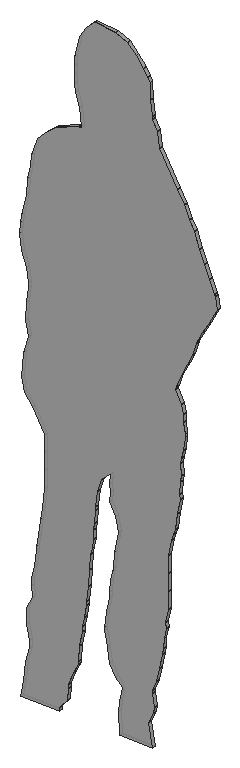
Revit family
Parameters (values of type "H_2D woman")
  colour = colour
  Height = 0 mm
  Assembly Code = ""
Reference planes
  plane 1 "Center (Front/Back)": y = 0
  plane 2: z = 0
  plane 3 "Center (Left/Right)": x = 0
Forms (mm)
  Extrusion 1, solid, material "colour" <- "colour"
    sketch origin (0, 0, 0) x (1, 0, 0) y (0, 0, 1)
      loop
        line (-5.709, 1725.214) -> (-28.316, 1702.607) -> (-47.277, 1675.713) -> (-59.95, 1620.335) -> (-59.95, 1599.189) -> (-59.95, 1576.368) -> (-59.95, 1555.222) -> (-58.1, 1534.067) -> (-47.277, 1499.845) -> (-43.103, 1452.119) -> (-51.452, 1452.119) -> (-81.411, 1442.645) -> (-114.085, 1428.098) -> (-139.96, 1407.429) -> (-163.095, 1384.294) -> (-177.884, 1338.279) -> (-181.008, 1312.488) -> (-188.966, 1275.687) -> (-193.768, 1236.044) -> (-205.493, 1181.827) -> (-208.022, 1160.944) -> (-210.567, 1133.946) -> (-206.004, 1093.125) -> (-191.685, 1058.3) -> (-187.601, 1021.762) -> (-187.601, 1010.656) -> (-193.768, 972.242) -> (-194.887, 927.267) -> (-188.197, 889.325) -> (-199.853, 845.821) -> (-205.952, 785.299) -> (-199.278, 747.446) -> (-175.651, 721.206) -> (-144.137, 663.752) -> (-144.137, 621.228) -> (-144.137, 577.261) -> (-144.137, 533.294) -> (-148.96, 484.984) -> (-153.515, 452.362) -> (-157.412, 433.407) -> (-160.079, 414.306) -> (-164.435, 383.117) -> (-164.435, 374.261) -> (-170.043, 334.1) -> (-179.65, 300.027) -> (-179.65, 281.483) -> (-176.865, 253.552) -> (-192.933, 224.053) -> (-192.933, 181.59) -> (-184.743, 144.996) -> (-184.743, 128.745) -> (-195.217, 91.599) -> (-200.122, 43.216) -> (-209.382, 0) -> (-101.832, 0) -> (-101.832, 10.124) -> (-81.411, 35.704) -> (-78.459, 64.828) -> (-77.327, 75.994) -> (-65.074, 108.928) -> (-51.361, 133.193) -> (-51.361, 140.548) -> (-47.277, 180.838) -> (-39.38, 217.693) -> (-39.38, 231.916) -> (-32.691, 255.638) -> (-28.316, 286.965) -> (-28.316, 295.666) -> (-22.862, 334.722) -> (-20.262, 376.348) -> (-16.235, 416.688) -> (-13.224, 431.334) -> (-10.257, 455.273) -> (-10.257, 477.972) -> (-6.568, 495.918) -> (-3.349, 528.159) -> (-3.349, 536.987) -> (1.553, 576.54) -> (13.645, 609.619) -> (38.06, 631.602) -> (34.965, 606.624) -> (38.06, 587.635) -> (34.965, 562.657) -> (50.383, 532.573) -> (58.573, 495.98) -> (57.222, 482.449) -> (49.236, 443.607) -> (45.398, 405.161) -> (43.133, 394.144) -> (36.364, 369.328) -> (33.595, 341.589) -> (33.595, 327.854) -> (25.968, 290.755) -> (21.941, 250.414) -> (21.941, 243.162) -> (28.863, 205.428) -> (28.863, 200.214) -> (34.965, 166.955) -> (50.383, 136.871) -> (68.81, 120.279) -> (66.269, 107.207) -> (61.537, 82.861) -> (59.47, 57.119) -> (63.142, 0) -> (151.076, 0) -> (140.153, 58.085) -> (155.474, 86.213) -> (157.491, 101.411) -> (151.39, 133.858) -> (153.407, 141.7) -> (163.642, 166.792) -> (172.459, 202.821) -> (179.979, 240.016) -> (181.997, 255.376) -> (183.837, 280.51) -> (190.165, 306.698) -> (188.148, 320.595) -> (196.874, 356.705) -> (196.874, 400.672) -> (196.874, 444.639) -> (196.874, 488.606) -> (203.277, 526.808) -> (210.586, 544.92) -> (216.291, 559.056) -> (221.289, 598.523) -> (228.315, 636.164) -> (227.013, 647.645) -> (229.018, 679.498) -> (231.007, 695.208) -> (227.667, 724.681) -> (231.426, 738.709) -> (237.158, 760.102) -> (241.243, 792.357) -> (241.243, 800.391) -> (237.158, 828.491) -> (237.158, 848.036) -> (231.007, 871.075) -> (215.641, 901.207) -> (218.406, 908.888) -> (230.356, 942.094) -> (248.694, 974.934) -> (261.664, 1001.839) -> (273.614, 1035.045) -> (278.976, 1046.167) -> (288.394, 1065.704) -> (306.59, 1093.287) -> (322.927, 1122.545) -> (329.029, 1135.202) -> (324.764, 1167.944) -> (320.878, 1171.83) -> (307.193, 1203.475) -> (294.559, 1236.066) -> (281.925, 1268.657) -> (267.075, 1306.965) -> (253.064, 1330.605) -> (239.379, 1362.25) -> (220.368, 1394.327) -> (171.416, 1476.922) -> (166.052, 1516.06) -> (151.39, 1540.799) -> (153.407, 1548.641) -> (148.044, 1587.779) -> (145.335, 1629.307) -> (139.137, 1639.765) -> (128.344, 1657.975) -> (107.111, 1682.824) -> (83.975, 1705.959) -> (50.383, 1719.68) -> (-5.709, 1725.214)
    from -10 to 0
  Extrusion 2, solid, material "colour" <- "colour", not visible
    sketch origin (0, 0, 0) x (1, 0, 0) y (0, 0, 1)
      loop
        line (-5.627, 1700.555) -> (-27.911, 1678.271) -> (-46.602, 1651.762) -> (-59.093, 1597.176) -> (-59.093, 1576.332) -> (-59.093, 1553.837) -> (-59.093, 1532.994) -> (-57.269, 1512.141) -> (-46.602, 1478.408) -> (-42.487, 1431.364) -> (-50.716, 1431.364) -> (-80.247, 1422.025) -> (-112.454, 1407.686) -> (-137.959, 1387.313) -> (-160.764, 1364.508) -> (-175.342, 1319.151) -> (-178.421, 1293.729) -> (-186.266, 1257.454) -> (-190.998, 1218.377) -> (-202.556, 1164.936) -> (-205.049, 1144.351) -> (-207.558, 1117.739) -> (-203.06, 1077.501) -> (-188.945, 1043.174) -> (-184.919, 1007.158) -> (-184.919, 996.211) -> (-190.998, 958.346) -> (-192.101, 914.014) -> (-185.507, 876.613) -> (-196.997, 833.731) -> (-203.009, 774.074) -> (-196.43, 736.763) -> (-173.141, 710.898) -> (-142.076, 654.265) -> (-142.076, 612.349) -> (-142.076, 569.01) -> (-142.076, 525.672) -> (-146.831, 478.053) -> (-151.321, 445.897) -> (-155.162, 427.212) -> (-157.791, 408.384) -> (-162.085, 377.641) -> (-162.085, 368.911) -> (-167.612, 329.325) -> (-177.083, 295.739) -> (-177.083, 277.46) -> (-174.337, 249.928) -> (-190.175, 220.85) -> (-190.175, 178.994) -> (-182.103, 142.924) -> (-182.103, 126.905) -> (-192.427, 90.29) -> (-197.262, 42.598) -> (-206.39, 0) -> (-100.377, 0) -> (-100.377, 9.98) -> (-80.247, 35.194) -> (-77.337, 63.901) -> (-76.221, 74.907) -> (-64.144, 107.371) -> (-50.627, 131.29) -> (-50.627, 138.539) -> (-46.602, 178.253) -> (-38.817, 214.582) -> (-38.817, 228.601) -> (-32.223, 251.984) -> (-27.911, 282.864) -> (-27.911, 291.44) -> (-22.535, 329.938) -> (-19.973, 370.969) -> (-16.003, 410.733) -> (-13.035, 425.169) -> (-10.111, 448.766) -> (-10.111, 471.14) -> (-6.474, 488.83) -> (-3.301, 520.61) -> (-3.301, 529.311) -> (1.531, 568.299) -> (13.45, 600.905) -> (37.516, 622.575) -> (34.465, 597.953) -> (37.516, 579.236) -> (34.465, 554.615) -> (49.663, 524.961) -> (57.735, 488.891) -> (56.404, 475.553) -> (48.533, 437.266) -> (44.749, 399.37) -> (42.517, 388.511) -> (35.845, 364.049) -> (33.115, 336.707) -> (33.115, 323.168) -> (25.597, 286.599) -> (21.627, 246.835) -> (21.627, 239.686) -> (28.451, 202.492) -> (28.451, 197.353) -> (34.465, 164.569) -> (49.663, 134.914) -> (67.826, 118.56) -> (65.322, 105.675) -> (60.657, 81.677) -> (58.62, 56.302) -> (62.24, 0) -> (148.916, 0) -> (138.15, 57.254) -> (153.252, 84.981) -> (155.24, 99.961) -> (149.226, 131.945) -> (151.215, 139.675) -> (161.303, 164.408) -> (169.994, 199.922) -> (177.407, 236.586) -> (179.396, 251.726) -> (181.209, 276.501) -> (187.447, 302.314) -> (185.459, 316.013) -> (194.06, 351.607) -> (194.06, 394.945) -> (194.06, 438.284) -> (194.06, 481.622) -> (200.371, 519.278) -> (207.576, 537.131) -> (213.2, 551.065) -> (218.126, 589.969) -> (225.051, 627.072) -> (223.769, 638.388) -> (225.745, 669.785) -> (227.706, 685.271) -> (224.413, 714.323) -> (228.119, 728.151) -> (233.769, 749.238) -> (237.795, 781.032) -> (237.795, 788.951) -> (233.769, 816.649) -> (233.769, 835.915) -> (227.706, 858.625) -> (212.559, 888.326) -> (215.284, 895.897) -> (227.064, 928.629) -> (245.139, 960.999) -> (257.924, 987.519) -> (269.704, 1020.251) -> (274.989, 1031.214) -> (284.272, 1050.472) -> (302.208, 1077.661) -> (318.311, 1106.5) -> (324.326, 1118.976) -> (320.122, 1151.25) -> (316.292, 1155.081) -> (302.802, 1186.273) -> (290.349, 1218.399) -> (277.895, 1250.524) -> (263.257, 1288.285) -> (249.447, 1311.586) -> (235.958, 1342.779) -> (217.218, 1374.398) -> (168.966, 1455.813) -> (163.679, 1494.391) -> (149.226, 1518.776) -> (151.215, 1526.507) -> (145.928, 1565.085) -> (143.258, 1606.019) -> (137.148, 1616.328) -> (126.51, 1634.278) -> (105.58, 1658.771) -> (82.775, 1681.576) -> (49.663, 1695.1) -> (-5.627, 1700.555)
    from -10 to 0
  Extrusion 3, solid, material "colour" <- "colour", not visible
    sketch origin (0, 0, 0) x (1, 0, 0) y (0, 0, 1)
      loop
        line (-5.627, 1700.555) -> (-27.911, 1678.271) -> (-46.602, 1651.762) -> (-59.093, 1597.176) -> (-59.093, 1576.332) -> (-59.093, 1553.837) -> (-59.093, 1532.994) -> (-57.269, 1512.141) -> (-46.602, 1478.408) -> (-42.487, 1431.364) -> (-50.716, 1431.364) -> (-80.247, 1422.025) -> (-112.454, 1407.686) -> (-137.959, 1387.313) -> (-160.764, 1364.508) -> (-175.342, 1319.151) -> (-178.421, 1293.729) -> (-186.266, 1257.454) -> (-190.998, 1218.377) -> (-202.556, 1164.936) -> (-205.049, 1144.351) -> (-207.558, 1117.739) -> (-203.06, 1077.501) -> (-188.945, 1043.174) -> (-184.919, 1007.158) -> (-184.919, 996.211) -> (-190.998, 958.346) -> (-192.101, 914.014) -> (-185.507, 876.613) -> (-196.997, 833.731) -> (-203.009, 774.074) -> (-196.43, 736.763) -> (-173.141, 710.898) -> (-142.076, 654.265) -> (-142.076, 612.349) -> (-142.076, 569.01) -> (-142.076, 525.672) -> (-146.831, 478.053) -> (-151.321, 445.897) -> (-155.162, 427.212) -> (-157.791, 408.384) -> (-162.085, 377.641) -> (-162.085, 368.911) -> (-167.612, 329.325) -> (-177.083, 295.739) -> (-177.083, 277.46) -> (-174.337, 249.928) -> (-190.175, 220.85) -> (-190.175, 178.994) -> (-182.103, 142.924) -> (-182.103, 126.905) -> (-192.427, 90.29) -> (-197.262, 42.598) -> (-206.39, 0) -> (-100.377, 0) -> (-100.377, 9.98) -> (-80.247, 35.194) -> (-77.337, 63.901) -> (-76.221, 74.907) -> (-64.144, 107.371) -> (-50.627, 131.29) -> (-50.627, 138.539) -> (-46.602, 178.253) -> (-38.817, 214.582) -> (-38.817, 228.601) -> (-32.223, 251.984) -> (-27.911, 282.864) -> (-27.911, 291.44) -> (-22.535, 329.938) -> (-19.973, 370.969) -> (-16.003, 410.733) -> (-13.035, 425.169) -> (-10.111, 448.766) -> (-10.111, 471.14) -> (-6.474, 488.83) -> (-3.301, 520.61) -> (-3.301, 529.311) -> (1.531, 568.299) -> (13.45, 600.905) -> (37.516, 622.575) -> (34.465, 597.953) -> (37.516, 579.236) -> (34.465, 554.615) -> (49.663, 524.961) -> (57.735, 488.891) -> (56.404, 475.553) -> (48.533, 437.266) -> (44.749, 399.37) -> (42.517, 388.511) -> (35.845, 364.049) -> (33.115, 336.707) -> (33.115, 323.168) -> (25.597, 286.599) -> (21.627, 246.835) -> (21.627, 239.686) -> (28.451, 202.492) -> (28.451, 197.353) -> (34.465, 164.569) -> (49.663, 134.914) -> (67.826, 118.56) -> (65.322, 105.675) -> (60.657, 81.677) -> (58.62, 56.302) -> (62.24, 0) -> (148.916, 0) -> (138.15, 57.254) -> (153.252, 84.981) -> (155.24, 99.961) -> (149.226, 131.945) -> (151.215, 139.675) -> (161.303, 164.408) -> (169.994, 199.922) -> (177.407, 236.586) -> (179.396, 251.726) -> (181.209, 276.501) -> (187.447, 302.314) -> (185.459, 316.013) -> (194.06, 351.607) -> (194.06, 394.945) -> (194.06, 438.284) -> (194.06, 481.622) -> (200.371, 519.278) -> (207.576, 537.131) -> (213.2, 551.065) -> (218.126, 589.969) -> (225.051, 627.072) -> (223.769, 638.388) -> (225.745, 669.785) -> (227.706, 685.271) -> (224.413, 714.323) -> (228.119, 728.151) -> (233.769, 749.238) -> (237.795, 781.032) -> (237.795, 788.951) -> (233.769, 816.649) -> (233.769, 835.915) -> (227.706, 858.625) -> (212.559, 888.326) -> (215.284, 895.897) -> (227.064, 928.629) -> (245.139, 960.999) -> (257.924, 987.519) -> (269.704, 1020.251) -> (274.989, 1031.214) -> (284.272, 1050.472) -> (302.208, 1077.661) -> (318.311, 1106.5) -> (324.326, 1118.976) -> (320.122, 1151.25) -> (316.292, 1155.081) -> (302.802, 1186.273) -> (290.349, 1218.399) -> (277.895, 1250.524) -> (263.257, 1288.285) -> (249.447, 1311.586) -> (235.958, 1342.779) -> (217.218, 1374.398) -> (168.966, 1455.813) -> (163.679, 1494.391) -> (149.226, 1518.776) -> (151.215, 1526.507) -> (145.928, 1565.085) -> (143.258, 1606.019) -> (137.148, 1616.328) -> (126.51, 1634.278) -> (105.58, 1658.771) -> (82.775, 1681.576) -> (49.663, 1695.1) -> (-5.627, 1700.555)
    from -10 to 0
  Extrusion 4, solid, material "colour" <- "colour", not visible
    sketch origin (0, 0, 0) x (1, 0, 0) y (0, 0, 1)
      loop
        line (-5.627, 1700.555) -> (-27.911, 1678.271) -> (-46.602, 1651.762) -> (-59.093, 1597.176) -> (-59.093, 1576.332) -> (-59.093, 1553.837) -> (-59.093, 1532.994) -> (-57.269, 1512.141) -> (-46.602, 1478.408) -> (-42.487, 1431.364) -> (-50.716, 1431.364) -> (-80.247, 1422.025) -> (-112.454, 1407.686) -> (-137.959, 1387.313) -> (-160.764, 1364.508) -> (-175.342, 1319.151) -> (-178.421, 1293.729) -> (-186.266, 1257.454) -> (-190.998, 1218.377) -> (-202.556, 1164.936) -> (-205.049, 1144.351) -> (-207.558, 1117.739) -> (-203.06, 1077.501) -> (-188.945, 1043.174) -> (-184.919, 1007.158) -> (-184.919, 996.211) -> (-190.998, 958.346) -> (-192.101, 914.014) -> (-185.507, 876.613) -> (-196.997, 833.731) -> (-203.009, 774.074) -> (-196.43, 736.763) -> (-173.141, 710.898) -> (-142.076, 654.265) -> (-142.076, 612.349) -> (-142.076, 569.01) -> (-142.076, 525.672) -> (-146.831, 478.053) -> (-151.321, 445.897) -> (-155.162, 427.212) -> (-157.791, 408.384) -> (-162.085, 377.641) -> (-162.085, 368.911) -> (-167.612, 329.325) -> (-177.083, 295.739) -> (-177.083, 277.46) -> (-174.337, 249.928) -> (-190.175, 220.85) -> (-190.175, 178.994) -> (-182.103, 142.924) -> (-182.103, 126.905) -> (-192.427, 90.29) -> (-197.262, 42.598) -> (-206.39, 0) -> (-100.377, 0) -> (-100.377, 9.98) -> (-80.247, 35.194) -> (-77.337, 63.901) -> (-76.221, 74.907) -> (-64.144, 107.371) -> (-50.627, 131.29) -> (-50.627, 138.539) -> (-46.602, 178.253) -> (-38.817, 214.582) -> (-38.817, 228.601) -> (-32.223, 251.984) -> (-27.911, 282.864) -> (-27.911, 291.44) -> (-22.535, 329.938) -> (-19.973, 370.969) -> (-16.003, 410.733) -> (-13.035, 425.169) -> (-10.111, 448.766) -> (-10.111, 471.14) -> (-6.474, 488.83) -> (-3.301, 520.61) -> (-3.301, 529.311) -> (1.531, 568.299) -> (13.45, 600.905) -> (37.516, 622.575) -> (34.465, 597.953) -> (37.516, 579.236) -> (34.465, 554.615) -> (49.663, 524.961) -> (57.735, 488.891) -> (56.404, 475.553) -> (48.533, 437.266) -> (44.749, 399.37) -> (42.517, 388.511) -> (35.845, 364.049) -> (33.115, 336.707) -> (33.115, 323.168) -> (25.597, 286.599) -> (21.627, 246.835) -> (21.627, 239.686) -> (28.451, 202.492) -> (28.451, 197.353) -> (34.465, 164.569) -> (49.663, 134.914) -> (67.826, 118.56) -> (65.322, 105.675) -> (60.657, 81.677) -> (58.62, 56.302) -> (62.24, 0) -> (148.916, 0) -> (138.15, 57.254) -> (153.252, 84.981) -> (155.24, 99.961) -> (149.226, 131.945) -> (151.215, 139.675) -> (161.303, 164.408) -> (169.994, 199.922) -> (177.407, 236.586) -> (179.396, 251.726) -> (181.209, 276.501) -> (187.447, 302.314) -> (185.459, 316.013) -> (194.06, 351.607) -> (194.06, 394.945) -> (194.06, 438.284) -> (194.06, 481.622) -> (200.371, 519.278) -> (207.576, 537.131) -> (213.2, 551.065) -> (218.126, 589.969) -> (225.051, 627.072) -> (223.769, 638.388) -> (225.745, 669.785) -> (227.706, 685.271) -> (224.413, 714.323) -> (228.119, 728.151) -> (233.769, 749.238) -> (237.795, 781.032) -> (237.795, 788.951) -> (233.769, 816.649) -> (233.769, 835.915) -> (227.706, 858.625) -> (212.559, 888.326) -> (215.284, 895.897) -> (227.064, 928.629) -> (245.139, 960.999) -> (257.924, 987.519) -> (269.704, 1020.251) -> (274.989, 1031.214) -> (284.272, 1050.472) -> (302.208, 1077.661) -> (318.311, 1106.5) -> (324.326, 1118.976) -> (320.122, 1151.25) -> (316.292, 1155.081) -> (302.802, 1186.273) -> (290.349, 1218.399) -> (277.895, 1250.524) -> (263.257, 1288.285) -> (249.447, 1311.586) -> (235.958, 1342.779) -> (217.218, 1374.398) -> (168.966, 1455.813) -> (163.679, 1494.391) -> (149.226, 1518.776) -> (151.215, 1526.507) -> (145.928, 1565.085) -> (143.258, 1606.019) -> (137.148, 1616.328) -> (126.51, 1634.278) -> (105.58, 1658.771) -> (82.775, 1681.576) -> (49.663, 1695.1) -> (-5.627, 1700.555)
    from -10 to 0
Lines and regions (mm)
  symbolic lines, style "2D Entourage Placement Lines"
    curve 1: circle (0, 0, 0) r 265 normal (0, 0, 1)
    curve 2: line (-265, 0, 0) -> (265, 0, 0)
    curve 3: line (0, 0, 0) -> (0, -265, 0)
    curve 4: line (-265, 0, 0) -> (0, -265, 0)
    curve 5: line (265, 0, 0) -> (0, -265, 0)
  symbolic lines
    curve 6: line (-60.745, 0, 1624.667) -> (45.331, 0, 1720.178)
    curve 7: line (-56.538, 0, 1583.166) -> (81.129, 0, 1707.122)
    curve 8: line (-48.699, 0, 1544.936) -> (102.196, 0, 1680.802)
    curve 9: line (-23.549, 0, 1522.292) -> (-27.756, 0, 1526.08)
    curve 10: line (-23.549, 0, 1522.292) -> (127.345, 0, 1658.158)
    curve 11: line (-27.756, 0, 1526.08) -> (-48.699, 0, 1544.936)
    curve 12: line (-174.444, 0, 1341.137) -> (145.35, 0, 1629.081)
    curve 13: line (-195.37, 0, 1095.852) -> (191.645, 0, 1444.322)
    curve 14: line (-203.784, 0, 771.255) -> (298.816, 0, 1223.797)
    curve 15: line (-182.749, 0, 744.906) -> (311.928, 0, 1190.315)
    curve 16: line (-149.295, 0, 729.739) -> (-205.862, 0, 780.672)
    curve 17: line (-149.295, 0, 729.739) -> (328.538, 0, 1159.982)
    curve 18: line (-144.885, 0, 688.421) -> (288.437, 0, 1078.586)
    curve 19: line (127.345, 0, 1658.158) -> (66.187, 0, 1713.225)
    curve 20: line (152.494, 0, 1499.647) -> (-46.554, 0, 1678.871)
    curve 21: line (315.807, 0, 1126.156) -> (-48.699, 0, 1454.359)
    curve 22: line (297.065, 0, 1097.743) -> (-84.474, 0, 1441.282)
    curve 23: line (282.151, 0, 1065.882) -> (-118.13, 0, 1426.297)
    curve 24: line (269.53, 0, 1031.958) -> (-143.52, 0, 1403.869)
    curve 25: line (253.091, 0, 1001.471) -> (-165.111, 0, 1378.022)
    curve 26: line (237.608, 0, 970.123) -> (-174.444, 0, 1341.137)
    curve 27: line (224.975, 0, 936.21) -> (-182.094, 0, 1302.736)
    curve 28: line (214.839, 0, 900.047) -> (-190.828, 0, 1265.311)
    curve 29: line (202.218, 0, 866.122) -> (-195.969, 0, 1224.652)
    curve 30: line (195.882, 0, 859.383) -> (224.441, 0, 885.098)
    curve 31: line (181.183, 0, 839.774) -> (-204.347, 0, 1186.906)
    curve 32: line (162.226, 0, 829.079) -> (195.882, 0, 859.383)
    curve 33: line (235.874, 0, 745.241) -> (-210.56, 0, 1147.212)
    curve 34: line (177.643, 0, 208.919) -> (34.605, 0, 337.711)
    curve 35: line (168.562, 0, 171.807) -> (26.749, 0, 299.496)
    curve 36: line (143.32, 0, 58.669) -> (71.801, 0, 123.065)
    curve 37: line (59.274, 0, 11.761) -> (157.219, 0, 99.951)
    curve 38: line (142.447, 0, 6.292) -> (63.387, 0, 85.352)
    curve 39: line (61.258, 0, 58.836) -> (153.663, 0, 142.038)
    curve 40: line (68.261, 0, 110.43) -> (177.643, 0, 208.919)
    curve 41: line (36.016, 0, 171.974) -> (189.615, 0, 310.275)
    curve 42: line (30.305, 0, 212.121) -> (196.78, 0, 362.016)
    curve 43: line (21.891, 0, 249.834) -> (197.387, 0, 407.851)
    curve 44: line (26.749, 0, 299.496) -> (196.901, 0, 452.702)
    curve 45: line (34.512, 0, 351.775) -> (199.077, 0, 499.95)
    curve 46: line (44.43, 0, 405.994) -> (216.917, 0, 561.302)
    curve 47: line (51.898, 0, 548.584) -> (227.942, 0, 707.095)
    curve 48: line (36.016, 0, 579.573) -> (237.952, 0, 761.397)
    curve 49: line (36.016, 0, 624.861) -> (238.935, 0, 807.57)
    curve 50: line (36.016, 0, 670.15) -> (236.846, 0, 850.978)
    curve 51: line (33.938, 0, 700.622) -> (-190.455, 0, 902.666)
    curve 52: line (26.749, 0, 661.806) -> (-195.628, 0, 862.035)
    curve 53: line (13.477, 0, 628.467) -> (-201.6, 0, 822.123)
    curve 54: line (1.6, 0, 593.873) -> (-149.295, 0, 729.739)
    curve 55: line (-3.351, 0, 553.042) -> (-145.088, 0, 680.662)
    curve 56: line (-8.132, 0, 512.058) -> (-141.864, 0, 632.47)
    curve 57: line (-12.339, 0, 470.557) -> (-141.864, 0, 587.181)
    curve 58: line (-16.546, 0, 429.057) -> (-141.864, 0, 541.893)
    curve 59: line (-20.086, 0, 386.955) -> (-146.788, 0, 501.038)
    curve 60: line (-23.549, 0, 344.785) -> (-150.742, 0, 459.31)
    curve 61: line (-29.167, 0, 304.554) -> (-158.133, 0, 420.676)
    curve 62: line (-33.374, 0, 263.054) -> (-164.283, 0, 380.924)
    curve 63: line (-40.656, 0, 224.322) -> (-168.4, 0, 339.343)
    curve 64: line (-48.699, 0, 186.274) -> (-179.09, 0, 303.679)
    curve 65: line (-52.906, 0, 144.774) -> (-177.395, 0, 256.865)
    curve 66: line (-67.03, 0, 112.203) -> (-191.855, 0, 224.595)
    curve 67: line (-79.651, 0, 78.278) -> (-192.162, 0, 179.583)
    curve 68: line (-83.858, 0, 36.777) -> (-185.318, 0, 128.132)
    curve 69: line (-104.894, 0, 10.429) -> (-191.017, 0, 87.974)
    curve 70: line (-167.999, 0, 21.96) -> (-174.444, 0, 27.764)
    curve 71: line (-140.678, 0, 12.878) -> (-81.78, 0, 65.91)
    curve 72: line (-143.609, 0, 0) -> (-199.593, 0, 50.408)
    curve 73: line (-153.3, 0, 499.69) -> (26.749, 0, 661.806)
    curve 74: line (-174.444, 0, 27.764) -> (-53.835, 0, 136.361)
    curve 75: line (51.898, 0, 140.986) -> (182.517, 0, 258.595)
    curve 76: line (51.898, 0, 458.007) -> (223.881, 0, 612.861)
    curve 77: line (61.351, 0, 511.807) -> (227.942, 0, 661.806)
    curve 324: line (294.153, 0, 1236.231) -> (-23.549, 0, 1522.292)
    curve 325: line (325.204, 0, 1162.984) -> (-46.302, 0, 1497.49)
    curve 326: line (267.879, 0, 1305.177) -> (-62.823, 0, 1602.943)
    curve 327: line (221.717, 0, 1392.03) -> (-48.699, 0, 1635.513)
    curve 328: line (171.073, 0, 1482.919) -> (152.494, 0, 1499.647)
    curve 329: line (152.494, 0, 1544.936) -> (-26.103, 0, 1705.746)
    curve 330: line (-188.446, 0, 1283.241) -> (148.234, 0, 1586.389)
    curve 331: line (-194.572, 0, 1232.436) -> (153.296, 0, 1545.658)
    curve 332: line (-205.257, 0, 1177.526) -> (166.496, 0, 1512.255)
    curve 333: line (-210.043, 0, 1127.928) -> (173.928, 0, 1473.657)
    curve 334: line (-191.654, 0, 1053.909) -> (208.527, 0, 1414.233)
    curve 335: line (-188.446, 0, 1011.508) -> (226.062, 0, 1384.733)
    curve 336: line (-194.37, 0, 960.886) -> (243.456, 0, 1355.106)
    curve 337: line (-192.162, 0, 917.585) -> (258.255, 0, 1323.143)
    curve 338: line (-192.636, 0, 871.869) -> (272.815, 0, 1290.963)
    curve 339: line (-202.826, 0, 817.406) -> (286.195, 0, 1257.722)
    curve 340: line (144.794, 0, 1597.158) -> (3.593, 0, 1724.296)
    curve 341: line (-145.579, 0, 642.507) -> (254.78, 0, 1002.993)
    curve 342: line (-145.579, 0, 597.218) -> (221.124, 0, 927.4)
    curve 343: line (-145.579, 0, 551.93) -> (162.226, 0, 829.079)
    curve 344: line (-154.282, 0, 453.516) -> (1.6, 0, 593.873)
    curve 345: line (-200.559, 0, 49.538) -> (-199.593, 0, 50.408)
    curve 346: line (-199.593, 0, 50.408) -> (-48.699, 0, 186.274)
    curve 347: line (-192.206, 0, 102.349) -> (-40.563, 0, 238.888)
    curve 348: line (-185.733, 0, 153.465) -> (-28.593, 0, 294.955)
    curve 349: line (-192.162, 0, 192.966) -> (-23.549, 0, 344.785)
    curve 350: line (-178.546, 0, 250.514) -> (-23.549, 0, 390.074)
    curve 351: line (-179.194, 0, 295.219) -> (-14.919, 0, 443.133)
    curve 352: line (-168.228, 0, 350.382) -> (-11.207, 0, 491.764)
    curve 353: line (-162.696, 0, 400.652) -> (-6.054, 0, 541.693)
    curve 354: line (218.555, 0, 896.701) -> (214.839, 0, 900.047)
    curve 355: line (237.348, 0, 834.491) -> (202.218, 0, 866.122)
    curve 356: line (240.573, 0, 786.299) -> (181.183, 0, 839.774)
    curve 357: line (229.546, 0, 705.65) -> (-197.448, 0, 1090.117)
    curve 358: line (227.942, 0, 661.806) -> (-193.241, 0, 1041.04)
    curve 359: line (225.191, 0, 618.994) -> (-190.833, 0, 993.584)
    curve 360: line (218.966, 0, 579.31) -> (-194.586, 0, 951.674)
    curve 361: line (209.451, 0, 542.589) -> (38.145, 0, 696.834)
    curve 362: line (199.881, 0, 505.917) -> (38.719, 0, 651.028)
    curve 363: line (197.077, 0, 463.153) -> (38.719, 0, 605.739)
    curve 364: line (197.011, 0, 417.923) -> (51.898, 0, 548.584)
    curve 365: line (197.247, 0, 372.422) -> (59.754, 0, 496.221)
    curve 366: line (191.209, 0, 332.57) -> (51.898, 0, 458.007)
    curve 367: line (186.631, 0, 291.403) -> (46.559, 0, 417.525)
    curve 368: line (181.674, 0, 250.578) -> (38.145, 0, 379.812)
    curve 369: line (156.432, 0, 92.151) -> (29.731, 0, 206.234)
    curve 370: line (153.132, 0, 140.411) -> (21.317, 0, 259.098)
  symbolic lines, not visible
    curve 78: line (-211.112, 0, 73.466) -> (-38.817, 0, 228.601)
    curve 79: line (-58.129, 0, 1598.043) -> (50.568, 0, 1695.915)
    curve 80: line (-58.129, 0, 1554.705) -> (82.775, 0, 1681.576)
    curve 81: line (-54.104, 0, 1514.991) -> (106.93, 0, 1659.987)
    curve 82: line (-46.602, 0, 1478.408) -> (126.51, 0, 1634.278)
    curve 83: line (-22.535, 0, 1456.738) -> (-26.561, 0, 1460.363)
    curve 84: line (-22.535, 0, 1456.738) -> (142.524, 0, 1605.359)
    curve 85: line (-26.561, 0, 1460.363) -> (-46.602, 0, 1478.408)
    curve 86: line (-182.931, 0, 1268.979) -> (145.928, 0, 1565.085)
    curve 87: line (-174.879, 0, 1319.568) -> (-50.716, 0, 1431.364)
    curve 88: line (-190.998, 0, 1218.377) -> (151.215, 0, 1526.507)
    curve 89: line (-199.034, 0, 1167.803) -> (163.292, 0, 1494.043)
    curve 90: line (-207.086, 0, 1117.214) -> (169.994, 0, 1456.738)
    curve 91: line (-203.06, 0, 1077.501) -> (169.994, 0, 1413.4)
    curve 92: line (-186.957, 0, 1048.662) -> (194.06, 0, 1391.731)
    curve 93: line (-186.957, 0, 1005.323) -> (215.628, 0, 1367.812)
    curve 94: line (-190.998, 0, 958.346) -> (235.757, 0, 1342.598)
    curve 95: line (-190.998, 0, 915.007) -> (249.447, 0, 1311.586)
    curve 96: line (-190.998, 0, 871.669) -> (263.938, 0, 1281.296)
    curve 97: line (-195.008, 0, 824.72) -> (277.895, 0, 1250.524)
    curve 98: line (-203.06, 0, 774.131) -> (288.093, 0, 1216.368)
    curve 99: line (-195.008, 0, 738.043) -> (300.171, 0, 1183.904)
    curve 100: line (-174.879, 0, 712.829) -> (316.274, 0, 1155.065)
    curve 101: line (-142.866, 0, 698.315) -> (-196.997, 0, 747.054)
    curve 102: line (-142.866, 0, 698.315) -> (324.326, 0, 1118.976)
    curve 103: line (-138.646, 0, 658.776) -> (276.016, 0, 1032.139)
    curve 104: line (-42.026, 0, 1655.881) -> (6.284, 0, 1699.38)
    curve 105: line (137.148, 0, 1616.328) -> (48.58, 0, 1696.075)
    curve 106: line (145.928, 0, 1565.085) -> (-3.756, 0, 1699.861)
    curve 107: line (149.226, 0, 1518.776) -> (-27.911, 0, 1678.271)
    curve 108: line (169.994, 0, 1456.738) -> (-46.602, 0, 1651.762)
    curve 109: line (215.468, 0, 1372.455) -> (183.261, 0, 1401.454)
    curve 110: line (183.261, 0, 1401.454) -> (145.928, 0, 1435.069)
    curve 111: line (145.928, 0, 1435.069) -> (-52.066, 0, 1613.344)
    curve 112: line (261.95, 0, 1287.264) -> (-60.118, 0, 1577.255)
    curve 113: line (286.105, 0, 1222.176) -> (-60.118, 0, 1533.917)
    curve 114: line (320.599, 0, 1147.779) -> (-22.535, 0, 1456.738)
    curve 115: line (318.311, 0, 1106.5) -> (-44.308, 0, 1433.004)
    curve 116: line (302.208, 0, 1077.661) -> (-80.247, 0, 1422.025)
    curve 117: line (284.272, 0, 1050.472) -> (-112.454, 0, 1407.686)
    curve 118: line (270.001, 0, 1019.983) -> (-136.609, 0, 1386.097)
    curve 119: line (257.924, 0, 987.519) -> (-160.764, 0, 1364.508)
    curve 120: line (242.192, 0, 958.346) -> (-166.932, 0, 1326.723)
    curve 121: line (227.376, 0, 928.348) -> (-176.868, 0, 1292.33)
    curve 122: line (215.287, 0, 895.895) -> (-184.919, 0, 1256.242)
    curve 123: line (205.588, 0, 861.289) -> (-190.998, 0, 1218.377)
    curve 124: line (193.51, 0, 828.825) -> (-196.997, 0, 1180.439)
    curve 125: line (187.447, 0, 822.376) -> (227.706, 0, 858.625)
    curve 126: line (173.381, 0, 803.611) -> (-205.049, 0, 1144.351)
    curve 127: line (155.24, 0, 793.377) -> (187.447, 0, 822.376)
    curve 128: line (233.769, 0, 835.915) -> (205.588, 0, 861.289)
    curve 129: line (237.795, 0, 788.951) -> (193.51, 0, 828.825)
    curve 130: line (233.769, 0, 749.238) -> (173.381, 0, 803.611)
    curve 131: line (225.717, 0, 713.149) -> (-205.049, 0, 1101.012)
    curve 132: line (225.717, 0, 669.811) -> (-188.945, 0, 1043.174)
    curve 133: line (225.717, 0, 626.472) -> (-184.919, 0, 996.211)
    curve 134: line (218.126, 0, 589.969) -> (-190.998, 0, 958.346)
    curve 135: line (213.639, 0, 550.67) -> (-190.998, 0, 915.007)
    curve 136: line (201.562, 0, 518.206) -> (36.502, 0, 666.826)
    curve 137: line (194.06, 0, 481.622) -> (37.052, 0, 622.993)
    curve 138: line (194.06, 0, 438.284) -> (37.052, 0, 579.655)
    curve 139: line (194.06, 0, 394.945) -> (49.663, 0, 524.961)
    curve 140: line (194.06, 0, 351.607) -> (57.181, 0, 474.853)
    curve 141: line (185.459, 0, 316.013) -> (49.663, 0, 438.284)
    curve 142: line (181.433, 0, 276.299) -> (44.554, 0, 399.546)
    curve 143: line (177.407, 0, 236.586) -> (36.502, 0, 363.457)
    curve 144: line (169.994, 0, 199.922) -> (33.115, 0, 323.168)
    curve 145: line (161.303, 0, 164.408) -> (25.597, 0, 286.599)
    curve 146: line (149.226, 0, 131.945) -> (20.399, 0, 247.941)
    curve 147: line (153.252, 0, 84.981) -> (28.451, 0, 197.353)
    curve 148: line (137.148, 0, 56.142) -> (68.709, 0, 117.765)
    curve 149: line (56.722, 0, 11.254) -> (155.24, 0, 99.961)
    curve 150: line (136.313, 0, 6.021) -> (60.657, 0, 81.677)
    curve 151: line (58.62, 0, 56.302) -> (151.215, 0, 139.675)
    curve 152: line (65.322, 0, 105.675) -> (169.994, 0, 199.922)
    curve 153: line (34.465, 0, 164.569) -> (187.447, 0, 302.314)
    curve 154: line (29, 0, 202.986) -> (194.06, 0, 351.607)
    curve 155: line (20.948, 0, 239.075) -> (194.06, 0, 394.945)
    curve 156: line (25.597, 0, 286.599) -> (194.06, 0, 438.284)
    curve 157: line (33.026, 0, 336.627) -> (194.06, 0, 481.622)
    curve 158: line (42.517, 0, 388.511) -> (207.576, 0, 537.131)
    curve 159: line (49.663, 0, 524.961) -> (227.706, 0, 685.271)
    curve 160: line (34.465, 0, 554.615) -> (227.706, 0, 728.61)
    curve 161: line (34.465, 0, 597.953) -> (235.757, 0, 779.198)
    curve 162: line (34.465, 0, 641.292) -> (231.732, 0, 818.911)
    curve 163: line (32.476, 0, 670.451) -> (-190.998, 0, 871.669)
    curve 164: line (25.597, 0, 633.307) -> (-196.997, 0, 833.731)
    curve 165: line (12.897, 0, 601.404) -> (-201.023, 0, 794.018)
    curve 166: line (1.531, 0, 568.299) -> (-142.866, 0, 698.315)
    curve 167: line (-3.207, 0, 529.226) -> (-138.84, 0, 651.351)
    curve 168: line (-7.782, 0, 490.008) -> (-142.866, 0, 611.638)
    curve 169: line (-11.808, 0, 450.294) -> (-142.866, 0, 568.299)
    curve 170: line (-15.834, 0, 410.58) -> (-142.866, 0, 524.961)
    curve 171: line (-19.221, 0, 370.292) -> (-144.022, 0, 482.663)
    curve 172: line (-22.535, 0, 329.938) -> (-151.362, 0, 445.934)
    curve 173: line (-27.911, 0, 291.44) -> (-156.738, 0, 407.436)
    curve 174: line (-31.937, 0, 251.726) -> (-160.764, 0, 367.722)
    curve 175: line (-38.906, 0, 214.662) -> (-166.932, 0, 329.938)
    curve 176: line (-46.602, 0, 178.253) -> (-176.868, 0, 295.545)
    curve 177: line (-50.627, 0, 138.539) -> (-176.868, 0, 252.207)
    curve 178: line (-64.144, 0, 107.371) -> (-188.945, 0, 219.743)
    curve 179: line (-76.221, 0, 74.907) -> (-190.998, 0, 178.253)
    curve 180: line (-80.247, 0, 35.194) -> (-180.894, 0, 125.816)
    curve 181: line (-100.377, 0, 9.98) -> (-182.791, 0, 84.186)
    curve 182: line (-160.764, 0, 21.015) -> (-166.932, 0, 26.568)
    curve 183: line (-134.621, 0, 12.323) -> (-78.259, 0, 63.072)
    curve 184: line (-137.425, 0, 0) -> (-204.341, 0, 60.252)
    curve 185: line (-199.034, 0, 41.002) -> (-46.602, 0, 178.253)
    curve 186: line (-182.931, 0, 142.179) -> (-27.362, 0, 282.253)
    curve 187: line (-190.998, 0, 178.253) -> (-22.535, 0, 329.938)
    curve 188: line (-166.932, 0, 329.938) -> (-10.725, 0, 470.587)
    curve 189: line (-162.801, 0, 376.995) -> (-5.793, 0, 518.366)
    curve 190: line (-154.75, 0, 427.584) -> (1.531, 0, 568.299)
    curve 191: line (-146.698, 0, 478.172) -> (25.597, 0, 633.307)
    curve 192: line (-142.866, 0, 524.961) -> (155.24, 0, 793.377)
    curve 193: line (-142.866, 0, 568.299) -> (211.602, 0, 887.464)
    curve 194: line (-142.866, 0, 611.638) -> (243.809, 0, 959.802)
    curve 195: line (-166.932, 0, 26.568) -> (-51.517, 0, 130.489)
    curve 196: line (49.663, 0, 134.914) -> (179.396, 0, 251.726)
    curve 197: line (-190.998, 0, 221.591) -> (-22.535, 0, 373.276)
    curve 198: line (-177.083, 0, 277.46) -> (-14.277, 0, 424.051)
    curve 199: line (49.663, 0, 438.284) -> (218.126, 0, 589.969)
    curve 200: line (58.709, 0, 489.767) -> (223.769, 0, 638.388)
    curve 201: line (-211.112, 0, 73.466) -> (-38.817, 0, 228.601)
    curve 202: line (-58.129, 0, 1598.043) -> (50.568, 0, 1695.915)
    curve 203: line (-58.129, 0, 1554.705) -> (82.775, 0, 1681.576)
    curve 204: line (-54.104, 0, 1514.991) -> (106.93, 0, 1659.987)
    curve 205: line (-46.602, 0, 1478.408) -> (126.51, 0, 1634.278)
    curve 206: line (-22.535, 0, 1456.738) -> (-26.561, 0, 1460.363)
    curve 207: line (-22.535, 0, 1456.738) -> (142.524, 0, 1605.359)
    curve 208: line (-26.561, 0, 1460.363) -> (-46.602, 0, 1478.408)
    curve 209: line (-182.931, 0, 1268.979) -> (145.928, 0, 1565.085)
    curve 210: line (-174.879, 0, 1319.568) -> (-50.716, 0, 1431.364)
    curve 211: line (-190.998, 0, 1218.377) -> (151.215, 0, 1526.507)
    curve 212: line (-199.034, 0, 1167.803) -> (163.292, 0, 1494.043)
    curve 213: line (-207.086, 0, 1117.214) -> (169.994, 0, 1456.738)
    curve 214: line (-203.06, 0, 1077.501) -> (169.994, 0, 1413.4)
    curve 215: line (-186.957, 0, 1048.662) -> (194.06, 0, 1391.731)
    curve 216: line (-186.957, 0, 1005.323) -> (215.628, 0, 1367.812)
    curve 217: line (-190.998, 0, 958.346) -> (235.757, 0, 1342.598)
    curve 218: line (-190.998, 0, 915.007) -> (249.447, 0, 1311.586)
    curve 219: line (-190.998, 0, 871.669) -> (263.938, 0, 1281.296)
    curve 220: line (-195.008, 0, 824.72) -> (277.895, 0, 1250.524)
    curve 221: line (-203.06, 0, 774.131) -> (288.093, 0, 1216.368)
    curve 222: line (-195.008, 0, 738.043) -> (300.171, 0, 1183.904)
    curve 223: line (-174.879, 0, 712.829) -> (316.274, 0, 1155.065)
    curve 224: line (-142.866, 0, 698.315) -> (-196.997, 0, 747.054)
    curve 225: line (-142.866, 0, 698.315) -> (324.326, 0, 1118.976)
    curve 226: line (-138.646, 0, 658.776) -> (276.016, 0, 1032.139)
    curve 227: line (-42.026, 0, 1655.881) -> (6.284, 0, 1699.38)
    curve 228: line (137.148, 0, 1616.328) -> (48.58, 0, 1696.075)
    curve 229: line (145.928, 0, 1565.085) -> (-3.756, 0, 1699.861)
    curve 230: line (149.226, 0, 1518.776) -> (-27.911, 0, 1678.271)
    curve 231: line (169.994, 0, 1456.738) -> (-46.602, 0, 1651.762)
    curve 232: line (215.468, 0, 1372.455) -> (183.261, 0, 1401.454)
    curve 233: line (183.261, 0, 1401.454) -> (145.928, 0, 1435.069)
    curve 234: line (145.928, 0, 1435.069) -> (-52.066, 0, 1613.344)
    curve 235: line (261.95, 0, 1287.264) -> (-60.118, 0, 1577.255)
    curve 236: line (286.105, 0, 1222.176) -> (-60.118, 0, 1533.917)
    curve 237: line (320.599, 0, 1147.779) -> (-22.535, 0, 1456.738)
    curve 238: line (318.311, 0, 1106.5) -> (-44.308, 0, 1433.004)
    curve 239: line (302.208, 0, 1077.661) -> (-80.247, 0, 1422.025)
    curve 240: line (284.272, 0, 1050.472) -> (-112.454, 0, 1407.686)
    curve 241: line (270.001, 0, 1019.983) -> (-136.609, 0, 1386.097)
    curve 242: line (257.924, 0, 987.519) -> (-160.764, 0, 1364.508)
    curve 243: line (242.192, 0, 958.346) -> (-166.932, 0, 1326.723)
    curve 244: line (227.376, 0, 928.348) -> (-176.868, 0, 1292.33)
    curve 245: line (215.287, 0, 895.895) -> (-184.919, 0, 1256.242)
    curve 246: line (205.588, 0, 861.289) -> (-190.998, 0, 1218.377)
    curve 247: line (193.51, 0, 828.825) -> (-196.997, 0, 1180.439)
    curve 248: line (187.447, 0, 822.376) -> (227.706, 0, 858.625)
    curve 249: line (173.381, 0, 803.611) -> (-205.049, 0, 1144.351)
    curve 250: line (155.24, 0, 793.377) -> (187.447, 0, 822.376)
    curve 251: line (233.769, 0, 835.915) -> (205.588, 0, 861.289)
    curve 252: line (237.795, 0, 788.951) -> (193.51, 0, 828.825)
    curve 253: line (233.769, 0, 749.238) -> (173.381, 0, 803.611)
    curve 254: line (225.717, 0, 713.149) -> (-205.049, 0, 1101.012)
    curve 255: line (225.717, 0, 669.811) -> (-188.945, 0, 1043.174)
    curve 256: line (225.717, 0, 626.472) -> (-184.919, 0, 996.211)
    curve 257: line (218.126, 0, 589.969) -> (-190.998, 0, 958.346)
    curve 258: line (213.639, 0, 550.67) -> (-190.998, 0, 915.007)
    curve 259: line (201.562, 0, 518.206) -> (36.502, 0, 666.826)
    curve 260: line (194.06, 0, 481.622) -> (37.052, 0, 622.993)
    curve 261: line (194.06, 0, 438.284) -> (37.052, 0, 579.655)
    curve 262: line (194.06, 0, 394.945) -> (49.663, 0, 524.961)
    curve 263: line (194.06, 0, 351.607) -> (57.181, 0, 474.853)
    curve 264: line (185.459, 0, 316.013) -> (49.663, 0, 438.284)
    curve 265: line (181.433, 0, 276.299) -> (44.554, 0, 399.546)
    curve 266: line (177.407, 0, 236.586) -> (36.502, 0, 363.457)
    curve 267: line (169.994, 0, 199.922) -> (33.115, 0, 323.168)
    curve 268: line (161.303, 0, 164.408) -> (25.597, 0, 286.599)
    curve 269: line (149.226, 0, 131.945) -> (20.399, 0, 247.941)
    curve 270: line (153.252, 0, 84.981) -> (28.451, 0, 197.353)
    curve 271: line (137.148, 0, 56.142) -> (68.709, 0, 117.765)
    curve 272: line (56.722, 0, 11.254) -> (155.24, 0, 99.961)
    curve 273: line (136.313, 0, 6.021) -> (60.657, 0, 81.677)
    curve 274: line (58.62, 0, 56.302) -> (151.215, 0, 139.675)
    curve 275: line (65.322, 0, 105.675) -> (169.994, 0, 199.922)
    curve 276: line (34.465, 0, 164.569) -> (187.447, 0, 302.314)
    curve 277: line (29, 0, 202.986) -> (194.06, 0, 351.607)
    curve 278: line (20.948, 0, 239.075) -> (194.06, 0, 394.945)
    curve 279: line (25.597, 0, 286.599) -> (194.06, 0, 438.284)
    curve 280: line (33.026, 0, 336.627) -> (194.06, 0, 481.622)
    curve 281: line (42.517, 0, 388.511) -> (207.576, 0, 537.131)
    curve 282: line (49.663, 0, 524.961) -> (227.706, 0, 685.271)
    curve 283: line (34.465, 0, 554.615) -> (227.706, 0, 728.61)
    curve 284: line (34.465, 0, 597.953) -> (235.757, 0, 779.198)
    curve 285: line (34.465, 0, 641.292) -> (231.732, 0, 818.911)
    curve 286: line (32.476, 0, 670.451) -> (-190.998, 0, 871.669)
    curve 287: line (25.597, 0, 633.307) -> (-196.997, 0, 833.731)
    curve 288: line (12.897, 0, 601.404) -> (-201.023, 0, 794.018)
    curve 289: line (1.531, 0, 568.299) -> (-142.866, 0, 698.315)
    curve 290: line (-3.207, 0, 529.226) -> (-138.84, 0, 651.351)
    curve 291: line (-7.782, 0, 490.008) -> (-142.866, 0, 611.638)
    curve 292: line (-11.808, 0, 450.294) -> (-142.866, 0, 568.299)
    curve 293: line (-15.834, 0, 410.58) -> (-142.866, 0, 524.961)
    curve 294: line (-19.221, 0, 370.292) -> (-144.022, 0, 482.663)
    curve 295: line (-22.535, 0, 329.938) -> (-151.362, 0, 445.934)
    curve 296: line (-27.911, 0, 291.44) -> (-156.738, 0, 407.436)
    curve 297: line (-31.937, 0, 251.726) -> (-160.764, 0, 367.722)
    curve 298: line (-38.906, 0, 214.662) -> (-166.932, 0, 329.938)
    curve 299: line (-46.602, 0, 178.253) -> (-176.868, 0, 295.545)
    curve 300: line (-50.627, 0, 138.539) -> (-176.868, 0, 252.207)
    curve 301: line (-64.144, 0, 107.371) -> (-188.945, 0, 219.743)
    curve 302: line (-76.221, 0, 74.907) -> (-190.998, 0, 178.253)
    curve 303: line (-80.247, 0, 35.194) -> (-180.894, 0, 125.816)
    curve 304: line (-100.377, 0, 9.98) -> (-182.791, 0, 84.186)
    curve 305: line (-160.764, 0, 21.015) -> (-166.932, 0, 26.568)
    curve 306: line (-134.621, 0, 12.323) -> (-78.259, 0, 63.072)
    curve 307: line (-137.425, 0, 0) -> (-204.341, 0, 60.252)
    curve 308: line (-199.034, 0, 41.002) -> (-46.602, 0, 178.253)
    curve 309: line (-182.931, 0, 142.179) -> (-27.362, 0, 282.253)
    curve 310: line (-190.998, 0, 178.253) -> (-22.535, 0, 329.938)
    curve 311: line (-166.932, 0, 329.938) -> (-10.725, 0, 470.587)
    curve 312: line (-162.801, 0, 376.995) -> (-5.793, 0, 518.366)
    curve 313: line (-154.75, 0, 427.584) -> (1.531, 0, 568.299)
    curve 314: line (-146.698, 0, 478.172) -> (25.597, 0, 633.307)
    curve 315: line (-142.866, 0, 524.961) -> (155.24, 0, 793.377)
    curve 316: line (-142.866, 0, 568.299) -> (211.602, 0, 887.464)
    curve 317: line (-142.866, 0, 611.638) -> (243.809, 0, 959.802)
    curve 318: line (-166.932, 0, 26.568) -> (-51.517, 0, 130.489)
    curve 319: line (49.663, 0, 134.914) -> (179.396, 0, 251.726)
    curve 320: line (-190.998, 0, 221.591) -> (-22.535, 0, 373.276)
    curve 321: line (-177.083, 0, 277.46) -> (-14.277, 0, 424.051)
    curve 322: line (49.663, 0, 438.284) -> (218.126, 0, 589.969)
    curve 323: line (58.709, 0, 489.767) -> (223.769, 0, 638.388)
